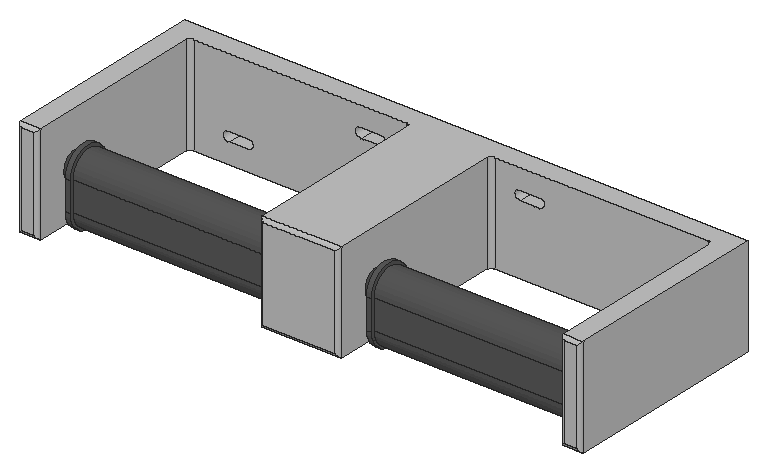
Revit family
Parameters (values of type "B-27460")
  URL = "http://www.bobrick.com/"
  Revised Date = "09/04/2013"
  Product URL = "http://www.bobrick.com/washroomaccessories/Pages/ProductDetails.aspx?Product+Number=B-27460"
  Phone # = "416.250.5656"
  Model = "B-27460"
  Material = Cast Aluminum
  Manufacturer = "Bobrick"
  Designed By = "ATS BIM Team"
  Description = "DOUBLE-ROLL\r\nTOILET TISSUE DISPENSER"
  Assembly Code = "E2020200"
Reference planes (in)
  plane 1 "Center (Front/Back)": y = 0
  plane 2: z = 0
  plane 3 "Center (Left/Right)": x = 0
  plane 4: z = 20.125
  plane 5: x = 7.0625
  plane 6: x = -7.0625
  plane 7: y = -5.25
  plane 8: z = 17.625
  plane 9: z = 18.875
  plane 10: y = -4.125
  plane 11: z = 19.375
  plane 12: x = -5.3125
  plane 13: x = -2
  plane 14: x = -5.5625
  plane 15: x = -5.0625
  plane 16: z = 18.375
  plane 17: z = 18.125
  plane 18: z = 19.625
  plane 19: z = 19.375
  plane 20: x = 5.5625
  plane 21: x = 5.0625
  plane 22: z = 18.375
  plane 23: z = 18.125
  plane 24: z = 19.625
  plane 25: z = 19.375
  plane 26: z = 18.25
Forms (in)
  Extrusion 1, solid, material "Cast Aluminum" <- "Material"
    sketch origin (0, 0, 0) x (1, 0, 0) y (0, 1, 0)
      loop
        arc (-7.0625, -5.15289) -> (-7.03406, -5.22156) -> (-6.96539, -5.25) r 0.09711
        line (-6.96539, -5.25) -> (-6.65961, -5.25)
        arc (-6.65961, -5.25) -> (-6.59094, -5.22156) -> (-6.5625, -5.15289) r 0.09711
        line (-6.5625, -5.15289) -> (-6.5625, -0.61064)
        arc (-6.5625, -0.61064) -> (-6.53009, -0.53241) -> (-6.45186, -0.5) r 0.11064
        line (-6.45186, -0.5) -> (-1.11064, -0.5)
        arc (-1.11064, -0.5) -> (-1.03241, -0.53241) -> (-1, -0.61064) r 0.11064
        line (-1, -0.61064) -> (-1, -5.15289)
        arc (-1, -5.15289) -> (-0.97156, -5.22156) -> (-0.90289, -5.25) r 0.09711
        line (-0.90289, -5.25) -> (0.90289, -5.25)
        arc (0.90289, -5.25) -> (0.97156, -5.22156) -> (1, -5.15289) r 0.09711
        line (1, -5.15289) -> (1, -0.61064)
        arc (1, -0.61064) -> (1.03241, -0.53241) -> (1.11064, -0.5) r 0.11064
        line (1.11064, -0.5) -> (6.45186, -0.5)
        arc (6.45186, -0.5) -> (6.53009, -0.53241) -> (6.5625, -0.61064) r 0.11064
        line (6.5625, -0.61064) -> (6.5625, -5.15289)
        arc (6.5625, -5.15289) -> (6.59094, -5.22156) -> (6.65961, -5.25) r 0.09711
        line (6.65961, -5.25) -> (6.96539, -5.25)
        arc (6.96539, -5.25) -> (7.03406, -5.22156) -> (7.0625, -5.15289) r 0.09711
        line (7.0625, -5.15289) -> (7.0625, 0) -> (-7.0625, 0) -> (-7.0625, -5.15289)
    from 17.625 to 20.125
  Extrusion 2, solid, material "ABS Plastic"
    sketch origin (0, 0, 0) x (0, 1, 0) y (0, 0, 1)
      loop
        line (-4.625, 18.875) -> (-4.625, 18.125)
        arc (-4.625, 18.125) -> (-4.125, 17.625) -> (-3.625, 18.125) r 0.5
        line (-3.625, 18.125) -> (-3.625, 18.875)
        arc (-3.625, 18.875) -> (-4.125, 19.375) -> (-4.625, 18.875) r 0.5
    from 1.375 to 6.1875
  Revolve 3, solid, material "ABS Plastic"
    sketch origin (0, -4.125, 0) x (1, 0, 0) y (0, 0, 1)
      loop
        line (6.5625, 18.875) -> (6.5625, 19.19995) -> (6.3125, 19.375) -> (6.3125, 18.875) -> (6.5625, 18.875)
      axis (6.5625, 18.875) -> (6.3125, 18.875)
    angle from 0 to 360
  Extrusion 4, solid, material "ABS Plastic"
    sketch origin (0, 0, 0) x (0, 1, 0) y (0, 0, 1)
      loop
        line (-3.5625, 18.125) -> (-3.5625, 18.875)
        arc (-3.5625, 18.875) -> (-4.125, 19.4375) -> (-4.6875, 18.875) r 0.5625
        line (-4.6875, 18.875) -> (-4.6875, 18.125)
        arc (-4.6875, 18.125) -> (-4.125, 17.5625) -> (-3.5625, 18.125) r 0.5625
    from 6.3125 to 6.1875
  Revolve 5, solid, material "ABS Plastic"
    sketch origin (7.5625, -4.125, 0) x (-1, 0, 0) y (0, 0, -1)
      loop
        line (6.5625, -18.875) -> (6.3125, -18.875) -> (6.3125, -19.375) -> (6.5625, -19.19995) -> (6.5625, -18.875)
      axis (6.5625, -18.875) -> (6.3125, -18.875)
    angle from 0 to 360
  Extrusion 6, solid, material "ABS Plastic"
    sketch origin (-4.9375, 0, 0) x (0, 1, 0) y (0, 0, 1)
      loop
        line (-3.5625, 18.125) -> (-3.5625, 18.875)
        arc (-3.5625, 18.875) -> (-4.125, 19.4375) -> (-4.6875, 18.875) r 0.5625
        line (-4.6875, 18.875) -> (-4.6875, 18.125)
        arc (-4.6875, 18.125) -> (-4.125, 17.5625) -> (-3.5625, 18.125) r 0.5625
    from 6.3125 to 6.1875
  Extrusion 7, solid, material "ABS Plastic"
    sketch origin (0, 0, 0) x (0, 1, 0) y (0, 0, -1)
      loop
        arc (-4.625, -18.875) -> (-4.125, -19.375) -> (-3.625, -18.875) r 0.5
        line (-3.625, -18.875) -> (-3.625, -18.125)
        arc (-3.625, -18.125) -> (-4.125, -17.625) -> (-4.625, -18.125) r 0.5
        line (-4.625, -18.125) -> (-4.625, -18.875)
    from 1.375 to 6.1875
  Revolve 8, solid, material "ABS Plastic"
    sketch origin (0, -4.125, 0) x (-1, 0, 0) y (0, 0, -1)
      loop
        line (6.5625, -18.875) -> (6.3125, -18.875) -> (6.3125, -19.375) -> (6.5625, -19.19995) -> (6.5625, -18.875)
      axis (6.5625, -18.875) -> (6.3125, -18.875)
    angle from 0 to 360
  Extrusion 9, solid, material "ABS Plastic"
    sketch origin (0, 0, 0) x (0, 1, 0) y (0, 0, -1)
      loop
        arc (-3.5625, -18.125) -> (-4.125, -17.5625) -> (-4.6875, -18.125) r 0.5625
        line (-4.6875, -18.125) -> (-4.6875, -18.875)
        arc (-4.6875, -18.875) -> (-4.125, -19.4375) -> (-3.5625, -18.875) r 0.5625
        line (-3.5625, -18.875) -> (-3.5625, -18.125)
    from 6.3125 to 6.1875
  Revolve 10, solid, material "ABS Plastic"
    sketch origin (-7.5625, -4.125, 0) x (1, 0, 0) y (0, 0, 1)
      loop
        line (6.5625, 18.875) -> (6.5625, 19.19995) -> (6.3125, 19.375) -> (6.3125, 18.875) -> (6.5625, 18.875)
      axis (6.5625, 18.875) -> (6.3125, 18.875)
    angle from 0 to 360
  Extrusion 11, solid, material "ABS Plastic"
    sketch origin (4.9375, 0, 0) x (0, 1, 0) y (0, 0, -1)
      loop
        arc (-3.5625, -18.125) -> (-4.125, -17.5625) -> (-4.6875, -18.125) r 0.5625
        line (-4.6875, -18.125) -> (-4.6875, -18.875)
        arc (-4.6875, -18.875) -> (-4.125, -19.4375) -> (-3.5625, -18.875) r 0.5625
        line (-3.5625, -18.875) -> (-3.5625, -18.125)
    from 6.3125 to 6.1875
  Extrusion 12, void
    sketch origin (0, 0, 0) x (1, 0, 0) y (0, 0, 1)
      loop
        arc (-5.5625, 18.375) -> (-5.6875, 18.25) -> (-5.5625, 18.125) r 0.125
        line (-5.5625, 18.125) -> (-5.0625, 18.125)
        arc (-5.0625, 18.125) -> (-4.9375, 18.25) -> (-5.0625, 18.375) r 0.125
        line (-5.0625, 18.375) -> (-5.5625, 18.375)
      loop
        arc (-2.25, 19.625) -> (-2.375, 19.5) -> (-2.25, 19.375) r 0.125
        line (-2.25, 19.375) -> (-1.75, 19.375)
        arc (-1.75, 19.375) -> (-1.625, 19.5) -> (-1.75, 19.625) r 0.125
        line (-1.75, 19.625) -> (-2.25, 19.625)
    from -0.579 to 1.06186
  Extrusion 13, void
    sketch origin (0, 0, 0) x (-1, 0, 0) y (0, 0, -1)
      loop
        line (-5.5625, -18.375) -> (-5.0625, -18.375)
        arc (-5.0625, -18.375) -> (-4.9375, -18.25) -> (-5.0625, -18.125) r 0.125
        line (-5.0625, -18.125) -> (-5.5625, -18.125)
        arc (-5.5625, -18.125) -> (-5.6875, -18.25) -> (-5.5625, -18.375) r 0.125
      loop
        line (-2.25, -19.625) -> (-1.75, -19.625)
        arc (-1.75, -19.625) -> (-1.625, -19.5) -> (-1.75, -19.375) r 0.125
        line (-1.75, -19.375) -> (-2.25, -19.375)
        arc (-2.25, -19.375) -> (-2.375, -19.5) -> (-2.25, -19.625) r 0.125
    from -0.579 to 1.06186
  Extrusion 14, void
    sketch origin (0, 0, 0) x (0, 1, 0) y (0, 0, 1)
      loop
        line (-5.08845, 20.14062) -> (-5.08845, 20.32861) -> (-5.45807, 20.32861) -> (-5.45807, 19.96345) -> (-5.26562, 19.96345)
        arc (-5.26562, 19.96345) -> (-5.21373, 20.08873) -> (-5.08845, 20.14062) r 0.17718
      loop
        arc (-5.08845, 17.60937) -> (-5.21373, 17.66127) -> (-5.26562, 17.78655) r 0.17718
        line (-5.26562, 17.78655) -> (-5.45807, 17.78655) -> (-5.45807, 17.42139) -> (-5.08845, 17.42139) -> (-5.08845, 17.60937)
    from -10.85591 to 12
Cuts and joins
  Extrusion 12, Extrusion 13, Extrusion 14 cuts Extrusion 1
  Extrusion 12 cuts Extrusion 7
  joined: Extrusion 7, Revolve 8, Extrusion 9, Revolve 10, Extrusion 11
  joined: Extrusion 2, Revolve 3, Extrusion 4, Revolve 5, Extrusion 6
Dimensions and locks (in)
  plane 26 to plane 8 = 0' - 0 5/8"
  plane 4 to plane 8 = 0' - 2 1/2"
  plane 6 to plane 12 = 0' - 1 3/4"
  plane 13 to plane 12 = 0' - 3 5/16"
  plane 6 to plane 5 = 1' - 2 1/8"  (x2)
  plane 10 to plane 1 "Center (Front/Back)" = 0' - 4 1/8"
  plane 7 to plane 1 "Center (Front/Back)" = 0' - 5 1/4"
